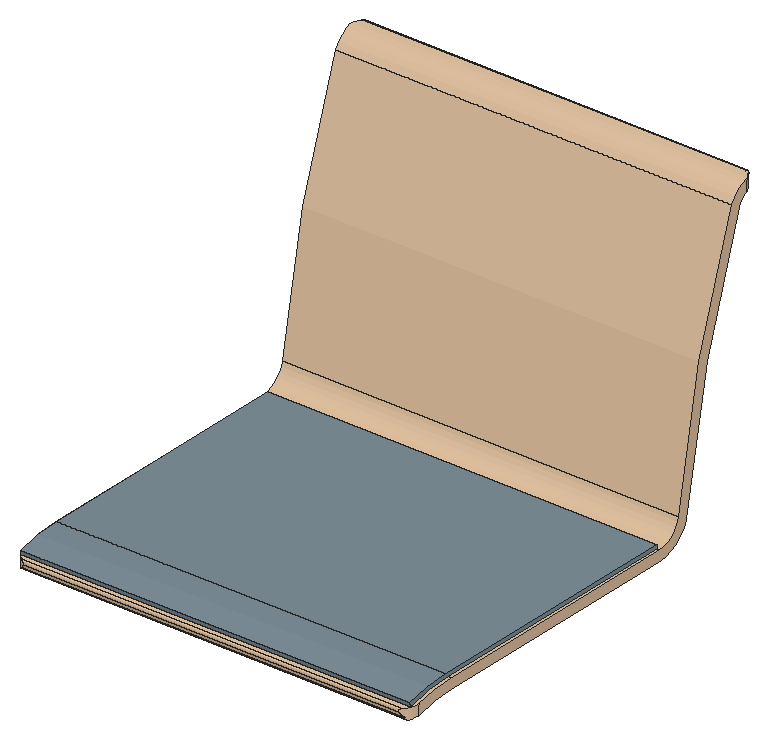
Revit family "FU_Modular_Sandler_Lin Wood 0122RO", category Furniture, Revit 2022
Family settings
  OmniClass Number = 23.40.20.00
  OmniClass Title = General Furniture and Specialties
  Work Plane-Based = No
  Always vertical = Yes
  Cut with Voids When Loaded = No
  Render Appearance Source = Family Geometry
  Shared = No
  Room Calculation Point = No
Parameters (values of type "Lin Wood 0122RO")
  Width = 550 mm
  URL = "https://www.sandlerseating.com/product/lin-wood-0122ro/"
  Shell [instance] = Wood - Oak - Natural - V
  Seat [instance] = Fabric - Mainline Flax - Epping MLF51
  Model = "Lin Wood 0122RO"
  Manufacturer = "Sandler"
  Height = 830 mm
  Description = "Seat mono-shell for bench made of oak plywood with upholstered seatpad.\r\nGreenguard Gold-certified to protect indoor air quality."
  Depth = 600 mm
  Default Elevation = 0 mm
Reference planes
  plane 1 "Center (Front/Back)": y = 0
  plane 2: z = 0
  plane 3 "Center (Left/Right)": x = 0
  plane 4 "Right": x = -275
  plane 5 "Left": x = 275
  plane 6 "Back": y = 300
  plane 7 "Front": y = -300
  plane 8 "Height": z = 830
  plane 9 "Seat height": z = 420
Forms (mm)
  Extrusion 1, solid, material "Wood - Oak - Natural - V" <- "Shell"
    sketch origin (0, 0, 0) x (0, 1, 0) y (0, 0, 1)
      loop
        arc (-296.528, 409.259) -> (-298.292, 407.781) -> (-298.489, 405.488) r 3
        line (-298.489, 405.488) -> (-296.145, 398.115)
        arc (-296.145, 398.115) -> (-294.694, 396.376) -> (-292.441, 396.146) r 3
        arc (-292.441, 396.146) -> (-259.598, 403.502) -> (-226.076, 406.516) r 257.81
        line (-226.076, 406.516) -> (136.328, 406.516)
        arc (136.328, 406.516) -> (167.135, 418.613) -> (182.606, 447.871) r 47.596
        arc (182.606, 447.871) -> (216.499, 619.653) -> (271.868, 785.761) r 1380.136
        arc (271.868, 785.761) -> (282.014, 798.558) -> (297.282, 804.355) r 30.751
        arc (297.282, 804.355) -> (299.219, 805.323) -> (300, 807.342) r 3
        line (300, 807.342) -> (300, 815.384)
        arc (300, 815.384) -> (299.034, 817.589) -> (296.758, 818.375) r 3
        arc (296.758, 818.375) -> (275.689, 811.238) -> (260.489, 794.996) r 45.679
        arc (260.489, 794.996) -> (203.377, 624.391) -> (168.377, 447.918) r 1414.809
        arc (168.377, 447.918) -> (156.802, 428.742) -> (136.018, 420.389) r 35.306
        line (136.018, 420.389) -> (-225.043, 420.389)
        arc (-225.043, 420.389) -> (-261.202, 417.498) -> (-296.528, 409.259) r 243.109
    from -275 to 275
  Extrusion 2, void
    sketch origin (0, 0, 0) x (1, 0, 0) y (0, 1, 0)
      loop
        arc (-255.478, -299.103) -> (-269.592, -293.178) -> (-275.383, -279.008) r 20
        line (-275.383, -279.008) -> (-283.594, -282.127) -> (-283.594, -305.864) -> (-258.594, -305.864) -> (-255.478, -299.103)
      loop
        line (255.478, -299.103) -> (258.594, -305.864) -> (283.594, -305.864) -> (283.594, -282.127) -> (275.383, -279.008)
        arc (275.383, -279.008) -> (269.592, -293.178) -> (255.478, -299.103) r 20
    from 385.619 to 420
  Extrusion 3, void
    sketch origin (0, 0, 0) x (1, 0, 0) y (0, 1, 0)
      loop
        line (275.49, 281.208) -> (282.251, 284.324) -> (282.251, 309.524) -> (258.59, 309.524) -> (255.395, 301.113)
        arc (255.395, 301.113) -> (269.565, 295.322) -> (275.49, 281.208) r 20
      loop
        arc (-275.49, 281.208) -> (-269.565, 295.322) -> (-255.395, 301.113) r 20
        line (-255.395, 301.113) -> (-258.59, 309.524) -> (-282.251, 309.524) -> (-282.251, 284.324) -> (-275.49, 281.208)
    from 785.898 to 830
  Extrusion 4, solid, material "Fabric - Mainline Flax - Epping MLF51" <- "Seat"
    sketch origin (0, 0, 0) x (0, 1, 0) y (0, 0, 1)
      loop
        arc (-291.172, 410.871) -> (-258.436, 417.913) -> (-225.043, 420.389) r 243.109
        line (-225.043, 420.389) -> (136.018, 420.389) -> (136.018, 425.389) -> (-230.043, 425.389)
        arc (-230.043, 425.389) -> (-261.699, 423.156) -> (-292.795, 416.819) r 243.109
        line (-292.795, 416.819) -> (-291.172, 410.871)
    from -270 to 270
Cuts and joins
  Extrusion 2, Extrusion 3 cuts Extrusion 1
Dimensions and locks
  equal spacing: plane 4 "Right", plane 3 "Center (Left/Right)", plane 5 "Left"
  "Width": plane 4 "Right" to plane 5 "Left"
  equal spacing: plane 6 "Back", plane 1 "Center (Front/Back)", plane 7 "Front"
  "Depth": plane 6 "Back" to plane 7 "Front"
  "Height": plane 8 "Height" to level
  plane 9 "Seat height" to level = 420 mm
  aligned and locked: level to plane 2
Automatic sketch dimensions
  Extrusion 1 sketch curve to plane 6 "Back" = 0 mm
  Extrusion 1 sketch curve to Extrusion 1 sketch curve = 3 mm  (x2)
  Extrusion 1 sketch curve to plane 9 "Seat height" = 13.484 mm
  Extrusion 1 sketch curve to plane 1 "Center (Front/Back)" = 136.328 mm
  plane 9 "Seat height" to Extrusion 1 sketch curve = 0.389 mm
  Extrusion 1 sketch curve to Extrusion 1 sketch curve = 0.31 mm
  Extrusion 1 sketch curve to Extrusion 1 sketch curve = 0.598 mm
  Extrusion 1 sketch curve to Extrusion 1 sketch curve = 1.495 mm
  plane 7 "Front" to Extrusion 1 sketch curve = 80.204 mm
  Extrusion 1 sketch curve to Extrusion 1 sketch curve = 4.005 mm
  plane 7 "Front" to Extrusion 1 sketch curve = 74.957 mm
  Extrusion 1 sketch curve to Extrusion 1 sketch curve = 1.033 mm
  plane 7 "Front" to Extrusion 1 sketch curve = 6.714 mm
  plane 7 "Front" to Extrusion 1 sketch curve = 4.37 mm
  Extrusion 1 sketch curve to Extrusion 1 sketch curve = 2.859 mm
  plane 7 "Front" to Extrusion 1 sketch curve = 1.511 mm
  plane 6 "Back" to Extrusion 1 sketch curve = 0.173 mm
  plane 6 "Back" to Extrusion 1 sketch curve = 0.437 mm
  Extrusion 1 sketch curve to plane 9 "Seat height" = 152.851 mm
  plane 6 "Back" to Extrusion 1 sketch curve = 1250.858 mm
  Extrusion 1 sketch curve to Extrusion 1 sketch curve = 19.99 mm
  Extrusion 1 sketch curve to Extrusion 1 sketch curve = 5.672 mm
  level to Extrusion 1 sketch curve = 177.283 mm
  Extrusion 1 sketch curve to Extrusion 1 sketch curve = 28.5 mm
  Extrusion 1 sketch curve to plane 9 "Seat height" = 21.885 mm
  Extrusion 1 sketch curve to Extrusion 1 sketch curve = 0.909 mm  (x2)
  Extrusion 1 sketch curve to Extrusion 1 sketch curve = 7.372 mm
  Extrusion 1 sketch curve to Extrusion 1 sketch curve = 33.714 mm
  Extrusion 1 sketch curve to Extrusion 1 sketch curve = 1.53 mm
  Extrusion 1 sketch curve to plane 8 "Height" = 57.156 mm
  Extrusion 1 sketch curve to Extrusion 1 sketch curve = 0.896 mm
  Extrusion 1 sketch curve to plane 8 "Height" = 22.658 mm
  Extrusion 1 sketch curve to Extrusion 1 sketch curve = 8.042 mm
  Extrusion 1 sketch curve to Extrusion 1 sketch curve = 0 mm  (x2)
  Extrusion 1 sketch curve to plane 6 "Back" = 28.132 mm
  Extrusion 1 sketch curve to Extrusion 1 sketch curve = 11.379 mm
  plane 4 "Right" to Extrusion 2 sketch curve = 8.594 mm
  plane 4 "Right" to Extrusion 2 sketch curve = 0.383 mm
  Extrusion 2 sketch curve to plane 7 "Front" = 5.864 mm  (x2)
  Extrusion 2 sketch curve to plane 4 "Right" = 16.406 mm
  plane 7 "Front" to Extrusion 2 sketch curve = 0.897 mm  (x2)
  Extrusion 2 sketch curve to Extrusion 2 sketch curve = 3.116 mm  (x2)
  Extrusion 2 sketch curve to plane 4 "Right" = 19.617 mm
  plane 5 "Left" to Extrusion 2 sketch curve = 19.617 mm
  plane 5 "Left" to Extrusion 2 sketch curve = 19.522 mm
  Extrusion 2 sketch curve to plane 5 "Left" = 0.383 mm
  Extrusion 2 sketch curve to plane 5 "Left" = 8.594 mm
  plane 7 "Front" to Extrusion 2 sketch curve = 17.873 mm  (x2)
  Extrusion 2 sketch curve to Extrusion 2 sketch curve = 20 mm  (x2)
  plane 4 "Right" to Extrusion 3 sketch curve = 7.251 mm
  plane 4 "Right" to Extrusion 3 sketch curve = 0.49 mm
  Extrusion 3 sketch curve to plane 4 "Right" = 16.41 mm
  Extrusion 3 sketch curve to plane 4 "Right" = 19.509 mm
  plane 6 "Back" to Extrusion 3 sketch curve = 1.113 mm  (x2)
  Extrusion 3 sketch curve to Extrusion 3 sketch curve = 3.194 mm  (x2)
  plane 5 "Left" to Extrusion 3 sketch curve = 19.605 mm
  plane 5 "Left" to Extrusion 3 sketch curve = 19.509 mm
  Extrusion 3 sketch curve to plane 5 "Left" = 0.49 mm
  Extrusion 3 sketch curve to plane 5 "Left" = 7.251 mm
  Extrusion 3 sketch curve to plane 6 "Back" = 15.676 mm  (x2)
  Extrusion 3 sketch curve to Extrusion 3 sketch curve = 3.116 mm  (x2)
  Extrusion 3 sketch curve to Extrusion 3 sketch curve = 8.411 mm  (x2)
  Extrusion 4 sketch curve to plane 9 "Seat height" = 3.181 mm
  plane 7 "Front" to Extrusion 4 sketch curve = 7.205 mm
  Extrusion 4 sketch curve to Extrusion 4 sketch curve = 1.623 mm
  plane 9 "Seat height" to Extrusion 4 sketch curve = 5.389 mm
  Extrusion 4 sketch curve to Extrusion 4 sketch curve = 61.129 mm
  plane 7 "Front" to Extrusion 4 sketch curve = 71.199 mm
  plane 9 "Seat height" to Extrusion 4 sketch curve = 0.389 mm
  Extrusion 4 sketch curve to Extrusion 4 sketch curve = 5 mm  (x3)
  Extrusion 4 sketch curve to plane 1 "Center (Front/Back)" = 136.018 mm
